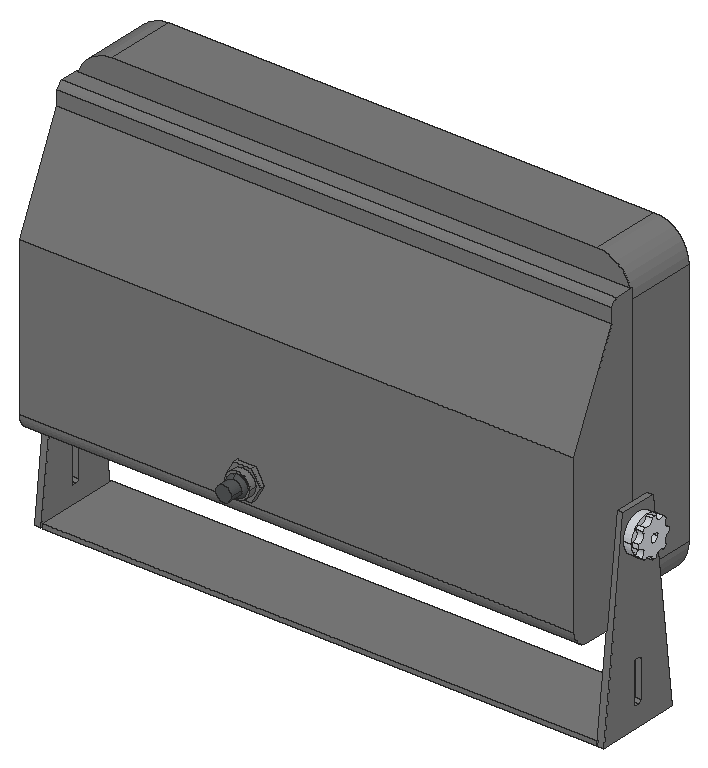
Revit family "WALL WASHER PRO 02_LV1210QW.30", category Luminarias, Revit 2019
Family settings
  Cota de conector redondo = Diámetro de uso
  Tipo de pieza = Normal
  Se basa en plano de trabajo = Sí
  Siempre vertical = No
  Corte con vacíos al cargar = No
  Origen de luz = Sí
  Compartido = No
  Punto de cálculo de habitación = No
Parameters (values of type "REFL_LV1210QW.30")
  Ángulo de inclinación = 30.00°
  Zone [instance] = ""
  Watt per fixture = 108
  Wattage = 108 W
  built-in parameter 1150107 = 6000 (stored number, unit not read)
  built-in parameter 1150110 = 1 (stored number, unit not read)
  built-in parameter 1150109 = 1 (stored number, unit not read)
  built-in parameter 1150112 = 1 (stored number, unit not read)
  built-in parameter 1150113 = 1 (stored number, unit not read)
  built-in parameter 1114218 = 1 (stored number, unit not read)
  Keynote = ""
  built-in parameter 1150137 = (empty or 0)
  built-in parameter 1150132 = (empty or 0)
  Modelo = "LV1210QW.30"
  Lámpara = "CREE"
  built-in parameter 1150105 = 302.35 (stored number, unit not read)
  built-in parameter 1150102 = (empty or 0)
  built-in parameter 1150106 = 3.0235 (stored number, unit not read)
  Lumens = 3799.44 lm
  Color Filter = 16777215
  built-in parameter 1114217 = 1 (stored number, unit not read)
  built-in parameter 1150139 = (empty or 0)
  Fabricante = "BRILLANT"
  Default Elevation = 0 mm
  built-in parameter 1150104 = 3.2683 (stored number, unit not read)
  Descripción = "LUMINARIA TIPO REFLECTOR RGBW, WALL WASHER , CUERPO EN ALUMINIO FUNDIDO A PRESION CON UN PESO DE 12.4KG, CON 453MM DE LARGO POR 333MM DE ALTURA POR 114MM DE ESPESOR, CUENTA CON 12 LED TIPO CREE CON UN CONSUMO TOTAL DE 108W, 3800 LUMENES , RGBW, IP 66,  CABLE H07RN DE 0.5M, APERTURA DE 30 GRADOS EN STOCK, ALIMENTADA A 90-277V. REQUIERE ACCESORIOS."
  built-in parameter 1150115 = 1 (stored number, unit not read)
  built-in parameter 1150114 = 1 (stored number, unit not read)
  Comentarios de vataje = "90-277V"
  built-in parameter 1150138 = (empty or 0)
  built-in parameter 1150134 = 5
  Circuit [instance] = ""
  Dimming Lamp Color Temperature Shift = 1
  Archivo de red fotométrica = "LV1210QW_30.ies"
  built-in parameter 1150133 = 10 (stored number, unit not read)
Reference planes
  plane 1 "Centro (Frontal/Posterior)": y = 0
  plane 2: z = 0
  plane 3 "Centro (Izquierda/Derecha)": x = 0
  plane 4: x = -226.5
  plane 5: x = 226.5
  plane 6: z = 333
  plane 7: x = 0
  plane 8: y = 57
  plane 9: y = -57
  plane 10 "IZQ": x = -39.253
Forms (mm)
  Extrusion 1, solid, material "Aluminio"
    sketch origin (0, 0, 0) x (0, 1, 0) y (0, 0, 1)
      loop
        arc (-15, 311.344) -> (-17.857, 309.228) -> (-19.973, 306.371) r 12.072
        line (-19.973, 306.371) -> (-19.973, 295.012) -> (-57, 215.607) -> (-57, 90.801)
        arc (-57, 90.801) -> (-53.222, 81.679) -> (-44.099, 77.901) r 12.901
        line (-44.099, 77.901) -> (0, 77.901) -> (0, 311.344) -> (-15, 311.344)
    from -219.911 to 221.5
  Extrusion 2, solid, material "Aluminio"
    sketch origin (0, 0, 0) x (0, 1, 0) y (0, 0, -1)
      loop
        line (34.275, 0) -> (-34.275, 0) -> (-14.671, -159.662) -> (14.671, -159.662) -> (34.275, 0)
      loop
        line (-1.599, -49.837) -> (1.599, -49.837)
        arc (1.599, -49.837) -> (3.167, -49.187) -> (3.816, -47.62) r 2.217
        line (3.816, -47.62) -> (3.816, -18.226)
        arc (3.816, -18.226) -> (3.167, -16.658) -> (1.599, -16.009) r 2.217
        line (1.599, -16.009) -> (-1.599, -16.009)
        arc (-1.599, -16.009) -> (-3.167, -16.658) -> (-3.816, -18.226) r 2.217
        line (-3.816, -18.226) -> (-3.816, -47.62)
        arc (-3.816, -47.62) -> (-3.167, -49.187) -> (-1.599, -49.837) r 2.217
    from -226.5 to -221.5
  Extrusion 3, solid, material "Aluminio"
    sketch origin (0, 0, 0) x (1, 0, 0) y (0, 1, 0)
      loop
        line (-219.911, 35) -> (-219.911, -34.275) -> (221.5, -34.275) -> (221.5, 35) -> (-219.911, 35)
    from 0 to 3.546
  Revolve 4, solid
    sketch origin (-167.528, -248.577, 264.956) x (-1, 0, 0) y (0, -1, 0)
      loop
        line (-30.028, -297.392) -> (-30.028, -286.113) -> (-52.575, -286.113)
        arc (-52.575, -286.113) -> (-42.965, -295.078) -> (-30.028, -297.392) r 23.224
      axis (-30.028, -286.113) -> (-30.028, -297.392)
    angle from 0 to 360
  Extrusion 5, solid
    sketch origin (-19.132, 0, -2.987) x (0, 1, 0) y (0, 0, -1)
      loop
        circle (0, -142.5) r 15
    from 207.368 to 214.676
  Extrusion 6, solid
    sketch origin (-19.132, 0, -81.925) x (0, 1, 0) y (0, 0, 1)
      loop
        arc (14.911, 219.803) -> (15, 221.438) -> (14.911, 223.073) r 15
        arc (14.911, 223.073) -> (10.77, 225.899) -> (11.7, 230.825) r 4.579
        arc (11.7, 230.825) -> (10.607, 232.045) -> (9.387, 233.138) r 15
        arc (9.387, 233.138) -> (4.461, 232.208) -> (1.635, 236.349) r 4.579
        arc (1.635, 236.349) -> (0, 236.438) -> (-1.635, 236.349) r 15
        arc (-1.635, 236.349) -> (-4.461, 232.208) -> (-9.387, 233.138) r 4.579
        arc (-9.387, 233.138) -> (-10.607, 232.045) -> (-11.7, 230.825) r 15
        arc (-11.7, 230.825) -> (-10.77, 225.899) -> (-14.911, 223.073) r 4.579
        arc (-14.911, 223.073) -> (-15, 221.438) -> (-14.911, 219.803) r 15
        arc (-14.911, 219.803) -> (-10.77, 216.977) -> (-11.7, 212.051) r 4.579
        arc (-11.7, 212.051) -> (-10.607, 210.832) -> (-9.387, 209.739) r 15
        arc (-9.387, 209.739) -> (-4.461, 210.669) -> (-1.635, 206.528) r 4.579
        arc (-1.635, 206.528) -> (0, 206.438) -> (1.635, 206.528) r 15
        arc (1.635, 206.528) -> (4.461, 210.669) -> (9.387, 209.739) r 4.579
        arc (9.387, 209.739) -> (10.607, 210.832) -> (11.7, 212.051) r 15
        arc (11.7, 212.051) -> (10.77, 216.977) -> (14.911, 219.803) r 4.579
      loop
        circle (0, 221.438) r 3.632
    from -220.417 to -214.676
  Extrusion 7, solid
    sketch origin (19.132, 0, -2.987) x (0, 1, 0) y (0, 0, 1)
      loop
        circle (0, 142.5) r 15
    from 207.368 to 214.676
  Extrusion 8, solid
    sketch origin (19.132, 0, -81.925) x (0, 1, 0) y (0, 0, -1)
      loop
        arc (14.911, -219.803) -> (10.77, -216.977) -> (11.7, -212.051) r 4.579
        arc (11.7, -212.051) -> (10.607, -210.832) -> (9.387, -209.739) r 15
        arc (9.387, -209.739) -> (4.461, -210.669) -> (1.635, -206.528) r 4.579
        arc (1.635, -206.528) -> (0, -206.438) -> (-1.635, -206.528) r 15
        arc (-1.635, -206.528) -> (-4.461, -210.669) -> (-9.387, -209.739) r 4.579
        arc (-9.387, -209.739) -> (-10.607, -210.832) -> (-11.7, -212.051) r 15
        arc (-11.7, -212.051) -> (-10.77, -216.977) -> (-14.911, -219.803) r 4.579
        arc (-14.911, -219.803) -> (-15, -221.438) -> (-14.911, -223.073) r 15
        arc (-14.911, -223.073) -> (-10.77, -225.899) -> (-11.7, -230.825) r 4.579
        arc (-11.7, -230.825) -> (-10.607, -232.045) -> (-9.387, -233.138) r 15
        arc (-9.387, -233.138) -> (-4.461, -232.208) -> (-1.635, -236.349) r 4.579
        arc (-1.635, -236.349) -> (0, -236.438) -> (1.635, -236.349) r 15
        arc (1.635, -236.349) -> (4.461, -232.208) -> (9.387, -233.138) r 4.579
        arc (9.387, -233.138) -> (10.607, -232.045) -> (11.7, -230.825) r 15
        arc (11.7, -230.825) -> (10.77, -225.899) -> (14.911, -223.073) r 4.579
        arc (14.911, -223.073) -> (15, -221.438) -> (14.911, -219.803) r 15
      loop
        circle (0, -221.438) r 3.632
    from -220.417 to -214.676
  Revolve 9, solid
    sketch origin (-47.023, -248.577, 137.648) x (-1, 0, 0) y (0, -1, 0)
      loop
        line (-30.028, -289.911) -> (-30.028, -286.113) -> (-36.879, -286.113)
        arc (-36.879, -286.113) -> (-33.928, -288.868) -> (-30.028, -289.911) r 8.331
      axis (-30.028, -286.113) -> (-30.028, -289.911)
    angle from 0 to 360
  Revolve 10, solid
    sketch origin (-69.28, -248.577, 137.648) x (-1, 0, 0) y (0, -1, 0)
      loop
        line (-30.028, -289.911) -> (-30.028, -286.113) -> (-36.879, -286.113)
        arc (-36.879, -286.113) -> (-33.928, -288.868) -> (-30.028, -289.911) r 8.331
      axis (-30.028, -286.113) -> (-30.028, -289.911)
    angle from 0 to 360
  Revolve 11, solid
    sketch origin (47.023, -248.577, 137.648) x (1, 0, 0) y (0, 1, 0)
      loop
        arc (-30.028, 289.911) -> (-33.928, 288.868) -> (-36.879, 286.113) r 8.331
        line (-36.879, 286.113) -> (-30.028, 286.113) -> (-30.028, 289.911)
      axis (-30.028, 286.113) -> (-30.028, 289.911)
    angle from 0 to 360
  Revolve 12, solid
    sketch origin (69.28, -248.577, 137.648) x (1, 0, 0) y (0, 1, 0)
      loop
        arc (-30.028, 289.911) -> (-33.928, 288.868) -> (-36.879, 286.113) r 8.331
        line (-36.879, 286.113) -> (-30.028, 286.113) -> (-30.028, 289.911)
      axis (-30.028, 286.113) -> (-30.028, 289.911)
    angle from 0 to 360
  Extrusion 13, solid, material "Aluminio"
    sketch origin (0, 0, 0) x (0, 1, 0) y (0, 0, 1)
      loop
        line (34.275, 0) -> (14.671, 159.662) -> (-14.671, 159.662) -> (-34.275, 0) -> (34.275, 0)
      loop
        arc (-1.599, 49.837) -> (-3.167, 49.187) -> (-3.816, 47.62) r 2.217
        line (-3.816, 47.62) -> (-3.816, 18.226)
        arc (-3.816, 18.226) -> (-3.167, 16.658) -> (-1.599, 16.009) r 2.217
        line (-1.599, 16.009) -> (1.599, 16.009)
        arc (1.599, 16.009) -> (3.167, 16.658) -> (3.816, 18.226) r 2.217
        line (3.816, 18.226) -> (3.816, 47.62)
        arc (3.816, 47.62) -> (3.167, 49.187) -> (1.599, 49.837) r 2.217
        line (1.599, 49.837) -> (-1.599, 49.837)
    from -226.5 to -221.5
  Extrusion 14, solid, material "Aluminio"
    sketch origin (0, -3.816, 57.007) x (1, 0, 0) y (0, 0, 1)
      loop
        circle (-39.253, 51.253) r 10
    from 57 to 62.744
  Extrusion 15, solid, material "Aluminio"
    sketch origin (0, -3.816, 50.757) x (1, 0, 0) y (0, 0, 1)
      loop
        line (-46.239, 69.604) -> (-53.226, 57.503) -> (-46.239, 45.402) -> (-32.266, 45.402) -> (-25.28, 57.503) -> (-32.266, 69.604) -> (-46.239, 69.604)
    from 53.184 to 57
  Revolve 16, solid, material "Plastico"
    sketch origin (-39.253, -3.816, 50.757) x (0, 0, 1) y (0, -1, 0)
      loop
        line (57.503, 62.744) -> (65.76, 62.744)
        spline (65.76, 62.744) -> (65.69, 63.494) -> (65.479, 64.231) -> (65.132, 64.942) -> (64.654, 65.616) -> (64.054, 66.241) -> (63.342, 66.806) -> (62.53, 67.301) -> (61.632, 67.719) -> (60.663, 68.051) -> (59.64, 68.293) -> (58.581, 68.439) -> (57.503, 68.488)
        line (57.503, 68.488) -> (57.503, 62.744)
      axis (57.503, 62.744) -> (57.503, 68.488)
    angle from 0 to 360
  Extrusion 17, solid, material "Plastico"
    sketch origin (0, -3.816, 80.757) x (1, 0, 0) y (0, 0, 1)
      loop
        circle (-39.253, 27.503) r 6.192
    from 62.744 to 76.136
  Extrusion 18, solid, material "Aluminio"
    sketch origin (0, 0, 0) x (1, 0, 0) y (0, 0, 1)
      loop
        arc (-192.411, 330.5) -> (-211.856, 322.445) -> (-219.911, 303) r 27.5
        line (-219.911, 303) -> (-219.911, 105.401)
        arc (-219.911, 105.401) -> (-211.856, 85.955) -> (-192.411, 77.901) r 27.5
        line (-192.411, 77.901) -> (194, 77.901)
        arc (194, 77.901) -> (213.445, 85.955) -> (221.5, 105.401) r 27.5
        line (221.5, 105.401) -> (221.5, 303)
        arc (221.5, 303) -> (213.445, 322.445) -> (194, 330.5) r 27.5
        line (194, 330.5) -> (-192.411, 330.5)
      loop
        arc (-173.287, 311.344) -> (-190.963, 304.022) -> (-198.284, 286.347) r 24.997
        line (-198.284, 286.347) -> (-198.284, 130.402)
        arc (-198.284, 130.402) -> (-190.963, 112.726) -> (-173.287, 105.405) r 24.997
        line (-173.287, 105.405) -> (173.269, 105.405)
        arc (173.269, 105.405) -> (190.938, 112.724) -> (198.258, 130.394) r 24.989
        line (198.258, 130.394) -> (198.258, 286.36)
        arc (198.258, 286.36) -> (190.94, 304.026) -> (173.273, 311.344) r 24.984
        line (173.273, 311.344) -> (-173.287, 311.344)
    from -57 to 0
  Extrusion 19, solid, material "Cristal"
    sketch origin (0, 0, 0) x (1, 0, 0) y (0, 0, 1)
      loop
        arc (-170.787, 311.343) -> (-188.463, 304.022) -> (-195.784, 286.347) r 24.997
        line (-195.784, 286.347) -> (-195.784, 132.902)
        arc (-195.784, 132.902) -> (-188.463, 115.227) -> (-170.787, 107.906) r 24.996
        line (-170.787, 107.906) -> (170.771, 107.906)
        arc (170.771, 107.906) -> (188.445, 115.226) -> (195.765, 132.9) r 24.994
        line (195.765, 132.9) -> (195.765, 286.348)
        arc (195.765, 286.348) -> (188.444, 304.022) -> (170.77, 311.343) r 24.995
        line (170.77, 311.343) -> (-170.787, 311.343)
    from -57 to -54.932
  Revolve 20, solid
    sketch origin (-112.528, -248.577, 264.956) x (-1, 0, 0) y (0, -1, 0)
      loop
        line (-30.028, -297.392) -> (-30.028, -286.113) -> (-52.575, -286.113)
        arc (-52.575, -286.113) -> (-42.965, -295.078) -> (-30.028, -297.392) r 23.224
      axis (-30.028, -286.113) -> (-30.028, -297.392)
    angle from 0 to 360
  Revolve 21, solid
    sketch origin (-57.528, -248.577, 264.956) x (-1, 0, 0) y (0, -1, 0)
      loop
        line (-30.028, -297.392) -> (-30.028, -286.113) -> (-52.575, -286.113)
        arc (-52.575, -286.113) -> (-42.965, -295.078) -> (-30.028, -297.392) r 23.224
      axis (-30.028, -286.113) -> (-30.028, -297.392)
    angle from 0 to 360
  Revolve 22, solid
    sketch origin (169.117, -248.577, 264.956) x (1, 0, 0) y (0, 1, 0)
      loop
        arc (-30.028, 297.392) -> (-42.965, 295.078) -> (-52.575, 286.113) r 23.224
        line (-52.575, 286.113) -> (-30.028, 286.113) -> (-30.028, 297.392)
      axis (-30.028, 286.113) -> (-30.028, 297.392)
    angle from 0 to 360
  Revolve 23, solid
    sketch origin (114.117, -248.577, 264.956) x (1, 0, 0) y (0, 1, 0)
      loop
        arc (-30.028, 297.392) -> (-42.965, 295.078) -> (-52.575, 286.113) r 23.224
        line (-52.575, 286.113) -> (-30.028, 286.113) -> (-30.028, 297.392)
      axis (-30.028, 286.113) -> (-30.028, 297.392)
    angle from 0 to 360
  Revolve 24, solid
    sketch origin (59.117, -248.577, 264.956) x (1, 0, 0) y (0, 1, 0)
      loop
        arc (-30.028, 297.392) -> (-42.965, 295.078) -> (-52.575, 286.113) r 23.224
        line (-52.575, 286.113) -> (-30.028, 286.113) -> (-30.028, 297.392)
      axis (-30.028, 286.113) -> (-30.028, 297.392)
    angle from 0 to 360
  Revolve 25, solid
    sketch origin (-167.528, -248.577, 203.758) x (0, 1, 0) y (-1, 0, 0)
      loop
        line (297.392, -30.028) -> (286.113, -30.028) -> (286.113, -52.575)
        arc (286.113, -52.575) -> (295.078, -42.965) -> (297.392, -30.028) r 23.224
      axis (286.113, -30.028) -> (297.392, -30.028)
    angle from 0 to 360
  Revolve 26, solid
    sketch origin (-112.528, -248.577, 203.758) x (0, 1, 0) y (-1, 0, 0)
      loop
        line (297.392, -30.028) -> (286.113, -30.028) -> (286.113, -52.575)
        arc (286.113, -52.575) -> (295.078, -42.965) -> (297.392, -30.028) r 23.224
      axis (286.113, -30.028) -> (297.392, -30.028)
    angle from 0 to 360
  Revolve 27, solid
    sketch origin (-57.528, -248.577, 203.758) x (0, 1, 0) y (-1, 0, 0)
      loop
        line (297.392, -30.028) -> (286.113, -30.028) -> (286.113, -52.575)
        arc (286.113, -52.575) -> (295.078, -42.965) -> (297.392, -30.028) r 23.224
      axis (286.113, -30.028) -> (297.392, -30.028)
    angle from 0 to 360
  Revolve 28, solid
    sketch origin (169.117, -248.577, 203.758) x (0, -1, 0) y (1, 0, 0)
      loop
        arc (-297.392, -30.028) -> (-295.078, -42.965) -> (-286.113, -52.575) r 23.224
        line (-286.113, -52.575) -> (-286.113, -30.028) -> (-297.392, -30.028)
      axis (-286.113, -30.028) -> (-297.392, -30.028)
    angle from 0 to 360
  Revolve 29, solid
    sketch origin (114.117, -248.577, 203.758) x (0, -1, 0) y (1, 0, 0)
      loop
        arc (-297.392, -30.028) -> (-295.078, -42.965) -> (-286.113, -52.575) r 23.224
        line (-286.113, -52.575) -> (-286.113, -30.028) -> (-297.392, -30.028)
      axis (-286.113, -30.028) -> (-297.392, -30.028)
    angle from 0 to 360
  Revolve 30, solid
    sketch origin (59.117, -248.577, 203.758) x (0, -1, 0) y (1, 0, 0)
      loop
        arc (-297.392, -30.028) -> (-295.078, -42.965) -> (-286.113, -52.575) r 23.224
        line (-286.113, -52.575) -> (-286.113, -30.028) -> (-297.392, -30.028)
      axis (-286.113, -30.028) -> (-297.392, -30.028)
    angle from 0 to 360
Dimensions and locks
  equal spacing: plane 4, plane 3 "Centro (Izquierda/Derecha)", plane 5
  plane 4 to plane 5 = 453 mm
  plane 4 to plane 3 "Centro (Izquierda/Derecha)" = 226.5 mm
  plane 6 to plane 2 = 333 mm
  plane 6 to level = 333 mm
  plane 5 to plane 4 = 453 mm
  equal spacing: plane 9, plane 1 "Centro (Frontal/Posterior)", plane 8
  plane 9 to plane 8 = 114 mm
  plane 9 to plane 1 "Centro (Frontal/Posterior)" = 57 mm
  Extrusion 3 to Extrusion 3 = 3.546 mm
  Extrusion 2 to Extrusion 2 = 5 mm
  plane 3 "Centro (Izquierda/Derecha)" to plane 4 = 226.5 mm
  aligned and locked: level to plane 2
  aligned and locked: plane 5 to Extrusion 2
  aligned and locked: Extrusion 17 to Revolve 16
  aligned and locked: Extrusion 14 to Revolve 16
  aligned and locked: Extrusion 18 sketch curve to Extrusion 1  (x3)
  aligned and locked: Extrusion 18 to plane 8
Automatic sketch dimensions
  Extrusion 1 sketch curve to plane 9 = 0 mm
  Extrusion 1 sketch curve to plane 1 "Centro (Frontal/Posterior)" = 0 mm
  plane 9 to Extrusion 1 sketch curve = 12.901 mm
  plane 1 "Centro (Frontal/Posterior)" to Extrusion 1 sketch curve = 19.973 mm
  Extrusion 1 sketch curve to Extrusion 1 sketch curve = 4.973 mm
  plane 1 "Centro (Frontal/Posterior)" to Extrusion 1 sketch curve = 9.321 mm
  level to Extrusion 1 sketch curve = 77.901 mm
  Extrusion 1 sketch curve to plane 6 = 117.393 mm
  Extrusion 1 sketch curve to plane 6 = 37.988 mm
  Extrusion 1 sketch curve to Extrusion 1 sketch curve = 5.679 mm
  Extrusion 1 sketch curve to Extrusion 1 sketch curve = 11.359 mm
  Extrusion 2 sketch curve to level = 0 mm
  plane 9 to Extrusion 2 sketch curve = 22.725 mm
  plane 1 "Centro (Frontal/Posterior)" to Extrusion 2 sketch curve = 14.671 mm
  plane 1 "Centro (Frontal/Posterior)" to Extrusion 2 sketch curve = 3.816 mm
  plane 1 "Centro (Frontal/Posterior)" to Extrusion 2 sketch curve = 1.599 mm  (x2)
  Extrusion 2 sketch curve to plane 1 "Centro (Frontal/Posterior)" = 1.599 mm  (x2)
  Extrusion 2 sketch curve to Extrusion 2 sketch curve = 2.217 mm
  Extrusion 2 sketch curve to plane 1 "Centro (Frontal/Posterior)" = 14.671 mm
  plane 8 to Extrusion 2 sketch curve = 22.725 mm
  level to Extrusion 2 sketch curve = 16.009 mm
  Extrusion 2 sketch curve to Extrusion 2 sketch curve = 29.393 mm
  Extrusion 2 sketch curve to Extrusion 2 sketch curve = 109.825 mm
  plane 4 to Extrusion 3 sketch curve = 6.589 mm
  Extrusion 3 sketch curve to plane 5 = 5 mm
  plane 9 to Extrusion 3 sketch curve = 22.725 mm
  plane 8 to Extrusion 3 sketch curve = 22 mm
  plane 8 to Revolve 4 sketch curve = 19.464 mm
  Revolve 4 sketch curve to plane 10 "IZQ" = 75.7 mm
  Revolve 4 sketch curve to Revolve 4 sketch curve = 20 mm
  Revolve 4 sketch curve to Revolve 4 sketch curve = 2.547 mm
  plane 8 to Revolve 4 sketch curve = 8.186 mm
  Revolve 4 sketch curve to Revolve 4 sketch curve = 0 mm
  Revolve 4 sketch curve to Revolve 4 sketch curve = 5.092 mm
  Revolve 4 sketch curve to plane 8 = 13.163 mm
  Extrusion 5 sketch curve to plane 1 "Centro (Frontal/Posterior)" = 0 mm
  level to Extrusion 5 sketch curve = 139.513 mm
  Extrusion 6 sketch curve to Extrusion 6 sketch curve = 0 mm  (x77)
  Extrusion 6 sketch curve to plane 1 "Centro (Frontal/Posterior)" = 0 mm
  plane 1 "Centro (Frontal/Posterior)" to Extrusion 6 sketch curve = 6.213 mm  (x2)
  Extrusion 6 sketch curve to Extrusion 6 sketch curve = 8.787 mm  (x5)
  Extrusion 6 sketch curve to plane 1 "Centro (Frontal/Posterior)" = 6.213 mm  (x2)
  level to Extrusion 6 sketch curve = 124.513 mm
  Extrusion 6 sketch curve to Extrusion 6 sketch curve = 6.213 mm
  Extrusion 6 sketch curve to Extrusion 6 sketch curve = 12.426 mm  (x2)
  plane 1 "Centro (Frontal/Posterior)" to Extrusion 6 sketch curve = 1.635 mm  (x2)
  Extrusion 6 sketch curve to Extrusion 6 sketch curve = 3.174 mm  (x4)
  Extrusion 6 sketch curve to Extrusion 6 sketch curve = 2.312 mm  (x4)
  Extrusion 6 sketch curve to Extrusion 6 sketch curve = 0.089 mm  (x3)
  Extrusion 6 sketch curve to plane 1 "Centro (Frontal/Posterior)" = 1.635 mm  (x2)
  Extrusion 7 sketch curve to plane 1 "Centro (Frontal/Posterior)" = 0 mm
  level to Extrusion 7 sketch curve = 139.513 mm
  Extrusion 8 sketch curve to Extrusion 8 sketch curve = 0 mm  (x76)
  Extrusion 8 sketch curve to plane 1 "Centro (Frontal/Posterior)" = 0 mm
  plane 1 "Centro (Frontal/Posterior)" to Extrusion 8 sketch curve = 6.213 mm  (x2)
  Extrusion 8 sketch curve to Extrusion 8 sketch curve = 8.787 mm  (x6)
  Extrusion 8 sketch curve to plane 1 "Centro (Frontal/Posterior)" = 6.213 mm  (x2)
  level to Extrusion 8 sketch curve = 154.513 mm
  Extrusion 8 sketch curve to Extrusion 8 sketch curve = 15 mm
  Extrusion 8 sketch curve to Extrusion 8 sketch curve = 12.426 mm  (x2)
  plane 1 "Centro (Frontal/Posterior)" to Extrusion 8 sketch curve = 1.635 mm  (x2)
  Extrusion 8 sketch curve to Extrusion 8 sketch curve = 3.174 mm  (x4)
  Extrusion 8 sketch curve to Extrusion 8 sketch curve = 2.312 mm  (x4)
  Extrusion 8 sketch curve to Extrusion 8 sketch curve = 0.089 mm  (x3)
  Extrusion 8 sketch curve to plane 1 "Centro (Frontal/Posterior)" = 1.635 mm  (x2)
  Revolve 9 sketch curve to plane 3 "Centro (Izquierda/Derecha)" = 10.144 mm
  Revolve 9 sketch curve to Revolve 9 sketch curve = 6.852 mm
  Revolve 9 sketch curve to Revolve 9 sketch curve = 0.139 mm
  plane 8 to Revolve 9 sketch curve = 15.666 mm
  Revolve 9 sketch curve to Revolve 9 sketch curve = 3.798 mm
  Revolve 9 sketch curve to Revolve 9 sketch curve = 0 mm
  Revolve 9 sketch curve to Revolve 9 sketch curve = 1.294 mm
  Revolve 9 sketch curve to plane 8 = 13.163 mm
  Revolve 10 sketch curve to plane 10 "IZQ" = 0 mm  (x2)
  Revolve 10 sketch curve to Revolve 10 sketch curve = 6.852 mm
  Revolve 10 sketch curve to plane 10 "IZQ" = 0.139 mm
  plane 8 to Revolve 10 sketch curve = 15.666 mm
  Revolve 10 sketch curve to Revolve 10 sketch curve = 3.798 mm
  Revolve 10 sketch curve to Revolve 10 sketch curve = 1.294 mm
  Revolve 10 sketch curve to plane 8 = 13.163 mm
  plane 3 "Centro (Izquierda/Derecha)" to Revolve 11 sketch curve = 10.144 mm
  Revolve 11 sketch curve to Revolve 11 sketch curve = 6.852 mm
  Revolve 11 sketch curve to Revolve 11 sketch curve = 0.139 mm
  plane 8 to Revolve 11 sketch curve = 23.996 mm
  Revolve 11 sketch curve to Revolve 11 sketch curve = 4.532 mm
  Revolve 11 sketch curve to Revolve 11 sketch curve = 0 mm
  Revolve 11 sketch curve to Revolve 11 sketch curve = 1.294 mm
  Revolve 11 sketch curve to plane 8 = 13.163 mm
  plane 3 "Centro (Izquierda/Derecha)" to Revolve 12 sketch curve = 32.401 mm
  Revolve 12 sketch curve to Revolve 12 sketch curve = 6.852 mm
  Revolve 12 sketch curve to Revolve 12 sketch curve = 0.139 mm
  plane 8 to Revolve 12 sketch curve = 23.996 mm
  Revolve 12 sketch curve to Revolve 12 sketch curve = 4.532 mm
  Revolve 12 sketch curve to Revolve 12 sketch curve = 0 mm
  Revolve 12 sketch curve to Revolve 12 sketch curve = 1.294 mm
  Revolve 12 sketch curve to plane 8 = 13.163 mm
  Extrusion 13 sketch curve to level = 0 mm
  plane 9 to Extrusion 13 sketch curve = 22.725 mm
  plane 1 "Centro (Frontal/Posterior)" to Extrusion 13 sketch curve = 14.671 mm
  plane 1 "Centro (Frontal/Posterior)" to Extrusion 13 sketch curve = 3.816 mm
  plane 1 "Centro (Frontal/Posterior)" to Extrusion 13 sketch curve = 1.599 mm  (x2)
  Extrusion 13 sketch curve to plane 1 "Centro (Frontal/Posterior)" = 1.599 mm  (x2)
  Extrusion 13 sketch curve to Extrusion 13 sketch curve = 2.217 mm
  Extrusion 13 sketch curve to plane 1 "Centro (Frontal/Posterior)" = 14.671 mm
  plane 8 to Extrusion 13 sketch curve = 22.725 mm
  level to Extrusion 13 sketch curve = 16.009 mm
  Extrusion 13 sketch curve to Extrusion 13 sketch curve = 29.393 mm
  Extrusion 13 sketch curve to Extrusion 13 sketch curve = 109.825 mm
  plane 10 "IZQ" to Extrusion 14 sketch curve = 0 mm
  level to Extrusion 14 sketch curve = 108.26 mm
  Extrusion 15 sketch curve to plane 10 "IZQ" = 13.973 mm
  Extrusion 15 sketch curve to plane 10 "IZQ" = 6.986 mm  (x2)
  plane 10 "IZQ" to Extrusion 15 sketch curve = 6.986 mm  (x2)
  Extrusion 15 sketch curve to Extrusion 15 sketch curve = 6.986 mm
  level to Extrusion 15 sketch curve = 96.159 mm
  Extrusion 15 sketch curve to Extrusion 15 sketch curve = 12.101 mm  (x3)
  Revolve 16 sketch curve to plane 9 = 9.56 mm
  level to Revolve 16 sketch curve = 108.26 mm
  Revolve 16 sketch curve to Revolve 16 sketch curve = 8.257 mm
  Revolve 16 sketch curve to Revolve 16 sketch curve = 0 mm  (x3)
  Revolve 16 sketch curve to Revolve 16 sketch curve = 5.744 mm
  Revolve 16 sketch curve to Revolve 16 sketch curve = 12.152 mm
  plane 10 "IZQ" to Extrusion 17 sketch curve = 0 mm
  level to Extrusion 17 sketch curve = 108.26 mm
  Extrusion 18 sketch curve to Extrusion 18 sketch curve = 21.626 mm
  plane 4 to Extrusion 18 sketch curve = 34.089 mm
  Extrusion 18 sketch curve to Extrusion 18 sketch curve = 5.874 mm
  Extrusion 18 sketch curve to Extrusion 18 sketch curve = 24.997 mm
  Extrusion 18 sketch curve to Extrusion 18 sketch curve = 19.124 mm
  Extrusion 18 sketch curve to Extrusion 18 sketch curve = 48.231 mm
  Extrusion 18 sketch curve to plane 6 = 21.656 mm
  Extrusion 18 sketch curve to Extrusion 18 sketch curve = 48.227 mm
  Extrusion 18 sketch curve to Extrusion 18 sketch curve = 20.731 mm
  Extrusion 18 sketch curve to plane 6 = 2.5 mm
  Extrusion 18 sketch curve to Extrusion 18 sketch curve = 20.727 mm
  Extrusion 18 sketch curve to Extrusion 18 sketch curve = 24.989 mm
  Extrusion 18 sketch curve to Extrusion 18 sketch curve = 0.004 mm
  plane 4 to Extrusion 19 sketch curve = 30.716 mm
  Extrusion 19 sketch curve to Extrusion 19 sketch curve = 24.996 mm
  Extrusion 19 sketch curve to Extrusion 19 sketch curve = 24.997 mm
  Extrusion 19 sketch curve to plane 5 = 55.73 mm
  Extrusion 19 sketch curve to plane 5 = 55.729 mm
  Extrusion 19 sketch curve to Extrusion 19 sketch curve = 24.995 mm
  level to Extrusion 19 sketch curve = 107.906 mm
  Extrusion 19 sketch curve to plane 6 = 46.653 mm
  Revolve 20 sketch curve to plane 10 "IZQ" = 20.7 mm
  Revolve 20 sketch curve to Revolve 20 sketch curve = 20 mm
  Revolve 20 sketch curve to Revolve 20 sketch curve = 2.547 mm
  plane 8 to Revolve 20 sketch curve = 8.186 mm
  Revolve 20 sketch curve to Revolve 20 sketch curve = 11.279 mm
  Revolve 20 sketch curve to Revolve 20 sketch curve = 0 mm
  Revolve 20 sketch curve to plane 8 = 13.163 mm
  Revolve 20 sketch curve to Revolve 20 sketch curve = 5.092 mm
  Revolve 21 sketch curve to plane 3 "Centro (Izquierda/Derecha)" = 4.953 mm
  plane 10 "IZQ" to Revolve 21 sketch curve = 14.3 mm
  plane 10 "IZQ" to Revolve 21 sketch curve = 11.753 mm
  plane 8 to Revolve 21 sketch curve = 8.186 mm
  Revolve 21 sketch curve to Revolve 21 sketch curve = 11.279 mm
  Revolve 21 sketch curve to Revolve 21 sketch curve = 0 mm
  Revolve 21 sketch curve to plane 8 = 13.163 mm
  Revolve 21 sketch curve to Revolve 21 sketch curve = 5.092 mm
  plane 8 to Revolve 22 sketch curve = 19.464 mm
  Revolve 22 sketch curve to plane 5 = 109.958 mm
  Revolve 22 sketch curve to Revolve 22 sketch curve = 20 mm
  Revolve 22 sketch curve to Revolve 22 sketch curve = 2.547 mm
  Revolve 22 sketch curve to Revolve 22 sketch curve = 11.805 mm
  Revolve 22 sketch curve to Revolve 22 sketch curve = 0 mm
  Revolve 22 sketch curve to Revolve 22 sketch curve = 5.092 mm
  Revolve 22 sketch curve to plane 8 = 13.163 mm
  plane 8 to Revolve 23 sketch curve = 19.464 mm
  plane 3 "Centro (Izquierda/Derecha)" to Revolve 23 sketch curve = 61.542 mm
  Revolve 23 sketch curve to Revolve 23 sketch curve = 20 mm
  Revolve 23 sketch curve to Revolve 23 sketch curve = 2.547 mm
  Revolve 23 sketch curve to Revolve 23 sketch curve = 11.805 mm
  Revolve 23 sketch curve to Revolve 23 sketch curve = 0 mm
  Revolve 23 sketch curve to Revolve 23 sketch curve = 5.092 mm
  Revolve 23 sketch curve to plane 8 = 13.163 mm
  plane 3 "Centro (Izquierda/Derecha)" to Revolve 24 sketch curve = 6.542 mm
  Revolve 24 sketch curve to Revolve 24 sketch curve = 20 mm
  Revolve 24 sketch curve to Revolve 24 sketch curve = 2.547 mm
  Revolve 24 sketch curve to plane 1 "Centro (Frontal/Posterior)" = 25.73 mm
  Revolve 24 sketch curve to Revolve 24 sketch curve = 11.805 mm
  Revolve 24 sketch curve to Revolve 24 sketch curve = 0 mm
  Revolve 24 sketch curve to Revolve 24 sketch curve = 5.092 mm
  Revolve 24 sketch curve to plane 8 = 13.163 mm
  Revolve 25 sketch curve to plane 1 "Centro (Frontal/Posterior)" = 25.73 mm
  Revolve 25 sketch curve to Revolve 25 sketch curve = 11.805 mm
  plane 8 to Revolve 25 sketch curve = 8.186 mm
  Revolve 25 sketch curve to plane 10 "IZQ" = 75.7 mm
  Revolve 25 sketch curve to Revolve 25 sketch curve = 20 mm
  Revolve 25 sketch curve to Revolve 25 sketch curve = 5.092 mm
  Revolve 25 sketch curve to plane 8 = 13.163 mm
  Revolve 25 sketch curve to Revolve 25 sketch curve = 0 mm
  Revolve 26 sketch curve to plane 1 "Centro (Frontal/Posterior)" = 25.73 mm
  Revolve 26 sketch curve to Revolve 26 sketch curve = 11.805 mm
  plane 8 to Revolve 26 sketch curve = 8.186 mm
  Revolve 26 sketch curve to plane 10 "IZQ" = 20.7 mm
  Revolve 26 sketch curve to Revolve 26 sketch curve = 20 mm
  Revolve 26 sketch curve to Revolve 26 sketch curve = 5.092 mm
  Revolve 26 sketch curve to plane 8 = 13.163 mm
  Revolve 26 sketch curve to Revolve 26 sketch curve = 0 mm
  Revolve 27 sketch curve to plane 1 "Centro (Frontal/Posterior)" = 25.73 mm
  Revolve 27 sketch curve to Revolve 27 sketch curve = 11.805 mm
  plane 8 to Revolve 27 sketch curve = 8.186 mm
  Revolve 27 sketch curve to plane 3 "Centro (Izquierda/Derecha)" = 4.953 mm
  Revolve 27 sketch curve to Revolve 27 sketch curve = 20 mm
  Revolve 27 sketch curve to Revolve 27 sketch curve = 5.092 mm
  Revolve 27 sketch curve to plane 8 = 13.163 mm
  Revolve 27 sketch curve to Revolve 27 sketch curve = 0 mm
  plane 8 to Revolve 28 sketch curve = 8.186 mm
  Revolve 28 sketch curve to Revolve 28 sketch curve = 11.279 mm
  Revolve 28 sketch curve to Revolve 28 sketch curve = 11.805 mm
  Revolve 28 sketch curve to plane 5 = 109.958 mm
  Revolve 28 sketch curve to Revolve 28 sketch curve = 20 mm
  Revolve 28 sketch curve to plane 8 = 13.163 mm
  Revolve 28 sketch curve to Revolve 28 sketch curve = 5.092 mm
  Revolve 28 sketch curve to Revolve 28 sketch curve = 0 mm
  plane 8 to Revolve 29 sketch curve = 8.186 mm
  Revolve 29 sketch curve to Revolve 29 sketch curve = 11.279 mm
  Revolve 29 sketch curve to Revolve 29 sketch curve = 11.805 mm
  plane 3 "Centro (Izquierda/Derecha)" to Revolve 29 sketch curve = 61.542 mm
  Revolve 29 sketch curve to Revolve 29 sketch curve = 20 mm
  Revolve 29 sketch curve to plane 8 = 13.163 mm
  Revolve 29 sketch curve to Revolve 29 sketch curve = 5.092 mm
  Revolve 29 sketch curve to Revolve 29 sketch curve = 0 mm
  plane 8 to Revolve 30 sketch curve = 8.186 mm
  Revolve 30 sketch curve to Revolve 30 sketch curve = 11.279 mm
  Revolve 30 sketch curve to Revolve 30 sketch curve = 11.805 mm
  plane 3 "Centro (Izquierda/Derecha)" to Revolve 30 sketch curve = 6.542 mm
  Revolve 30 sketch curve to Revolve 30 sketch curve = 20 mm
  Revolve 30 sketch curve to plane 8 = 13.163 mm
  Revolve 30 sketch curve to Revolve 30 sketch curve = 5.092 mm
  Revolve 30 sketch curve to Revolve 30 sketch curve = 0 mm
  radius of Extrusion 5 sketch curve = 15 mm
  radius of Extrusion 6 sketch curve = 3.632 mm
  radius of Extrusion 7 sketch curve = 15 mm
  radius of Extrusion 8 sketch curve = 3.632 mm
  radius of Extrusion 14 sketch curve = 10 mm
  radius of Extrusion 17 sketch curve = 6.192 mm
Connectors
  electrical at (-39.253, -79.951, 108.26)
    settings: on Extrusion 17, index 1, voltage 277 V, apparent load 0 VA, apparent load phase1 0 VA, apparent load phase2 0 VA, apparent load phase3 0 VA, power factor 1, load classification "Otro", number of poles 1, system type 31, power factor state 1, is connector primary yes, connector utility no, sub classification motor no, connector description ""
